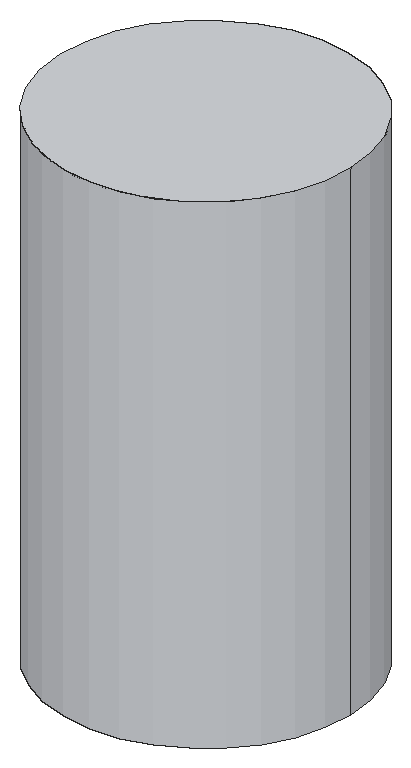
Revit family "MG GOBI TDS", category Aparatos sanitarios, Revit 2016
Family settings
  Tipo de pieza = Normal
  Cota de conector redondo = Diámetro de uso
  Número OmniClass = 23.45.00.00
  Título OmniClass = Sanitary, Laundry, and Cleaning Equipment
  Se basa en plano de trabajo = No
  Siempre vertical = Sí
  Corte con vacíos al cargar = No
  Compartido = No
  Punto de cálculo de habitación = No
Parameters (values of type "MG GOBY TDS")
  Conexión de residuos = yes
  URL = "http://www.helvex.com.mx/contenido.php?categoria=TWluZ2l0b3Jpb3MgU2Vjb3M="
  Comentarios de tipo = "Urinals"
  Total Width = 11.3"
  Total Length = 16.3"
  Total Height = 25"
  Teflon Cartridge Base = Teflon
  Modelo = "MG0-E"
  Fabricante = "Helvex"
  Instructive = "http://www.helvex.com.mx/productos/instructivos/MG0-E.pdf"
  Inlet Threads = "Flush: 1.5\" (38 mm)"
  High Density Polypropylene = Polypropylene
  Features = "Perfect Seal That Keeps Odor Away, Water Not Required, Easy Installation"
  Documentation = "http://www.helvex.com.mx/productos/fichas/MG0-E.pdf"
  Descripción = "Negev TDS Dry Urinal"
  Certification = "http://www.helvex.com.mx/productos/vistas/MG0-E.pdf"
  Ceramic = High Gloss Ceramic
Reference planes (in)
  plane 1 "Center (Front/Back)": y = 0
  plane 2: z = 0
  plane 3 "Center (Left/Right)": x = 0
Forms (in)
  Extrusion 1, solid
    sketch origin (0, 0, 0) x (1, 0, 0) y (0, 1, 0)
      loop
        circle (0, -5.73584) r 1
    from 18.42232 to 21.79544
Lines and regions (in)
  reference lines
    curve 1: line (0, 0, 33.5) -> (0, -1.5, 33.5)
    curve 2: line (0, -42.56503, 16.54) -> (0, 31.43497, 16.54)
Dimensions and locks (in)
  level to curve 2 = 16.54"
  aligned and locked: level to plane 2
Connectors (in)
  piping at (-0.03409, 1.14163, 16.47871), diameter 1.5
    settings: on import instance, index 1, connector inside diameter 24", connector length 0", flow factor 0, pipe flow 0.0 GPM, pressure drop 0.0 psi, fitting loss kfactor 0, connector angle 0.00°, fixture units 0, engagement length 0", angle of deflection 0.00°, flow configuration 0, flow direction 2, fitting loss method 0, system type 16, joint type 0, gender type 0, connector reference index -1, connector utility 0, adjustable connector no, is connector primary yes, connector description ""
